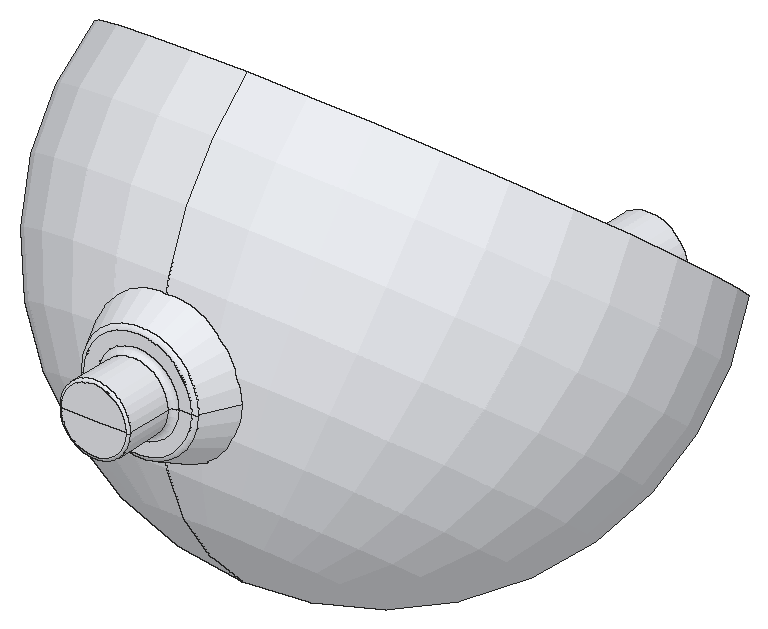
Revit family "Mictorio", category Plumbing Fixtures, host Face, Revit 2025
Family settings
  Host = Face
  Round Connector Dimension = Use Radius
  Part Type = Normal
  Enable Cutting in Views = No
  Cut with Voids When Loaded = No
  Maintain Annotation Orientation = No
  Shared = No
  Room Calculation Point = No
Parameters
  WFU = 0
  URL = ""
  Raio Água Fria = 7.5 mm  # constant formula
  Raio Ponto de Esgoto = 25 mm  # constant formula
  Model = ""
  Material_Mictorio = CT_Louças_Sanitárias
  Manufacturer = ""
  Flow Pressure = 0.00 psi
  Diâmetro Água Fria = Raio Água Fria * 2  # 15 mm
  Diâmetro Ponto de Esgoto = Raio Ponto de Esgoto * 2  # 50 mm
  Description = "Mictório"
  Default Elevation = 700 mm
  Código = ""
  CWFU = 0
  Assembly Code = ""
Reference planes
  plane 1 "Center (Front/Back)": y = -37.209
  plane 2: z = 0
  plane 3 "Center (Left/Right)": x = 0
  plane 4 "Bottom 1": y = -192.632
  plane 5 "Top 1": y = 262.5
  plane 6 "Front 1": z = 290
  plane 7 "Left 1": x = -190
  plane 8 "Right 1": x = 190
  plane 9 "Top 2": y = 412.791
  plane 10 "Bottom 2": y = -282.209
Forms (mm)
  Revolve 1, solid, material "CT_Louças_Sanitárias" <- "Material_Mictorio"
    sketch origin (0, -2.5, -2.5) x (0, 1, 0) y (0, 0, 1)
      loop
        line (-40.618, 268.723) -> (-64.131, 294.838)
        arc (-64.131, 294.838) -> (-138.455, 147.162) -> (-68.264, -2.521) r 189.112
        line (-68.264, -2.521) -> (-46.485, 24.879)
        arc (-46.485, 24.879) -> (-103.428, 148.241) -> (-40.618, 268.723) r 154.112
      axis (-68.264, -2.521) -> (78.182, 181.717)
    angle from 0 to 360
  Extrusion 2, solid, material "CT_Louças_Sanitárias" <- "Material_Mictorio"
    sketch origin (0, 0, 0) x (1, 0, 0) y (0, 1, 0)
      loop
        arc (-47.544, 249.939) -> (-60.732, 244.598) -> (-67.857, 232.281) r 21.903
        line (-67.857, 232.281) -> (-89.379, 122.5) -> (89.291, 122.5) -> (67.769, 232.281)
        arc (67.769, 232.281) -> (60.645, 244.598) -> (47.456, 249.939) r 21.903
        arc (47.456, 249.939) -> (-0.044, 251.221) -> (-47.544, 249.939) r 880.608
    from 0 to 15.5
  Extrusion 3, solid, material "CT_Louças_Sanitárias" <- "Material_Mictorio"
    sketch origin (0, -37.209, 0) x (1, 0, 0) y (0, 0, 1)
      loop
        circle (0, 40.558) r 25
    from -299.709 to -220.608
  Extrusion 4, solid, not visible
    sketch origin (0, -14.379, 0) x (1, 0, 0) y (0, 1, 0)
      loop
        circle (0, 427.17) r 7.5
    from -1.105 to 0
  Extrusion 5, solid, not visible
    sketch origin (-60.478, -139.379, 0) x (1, 0, 0) y (0, 1, 0)
      loop
        circle (60.478, -142.83) r 25
    from -4.992 to 0
  Extrusion 6, solid, material "CT_Louças_Sanitárias" <- "Material_Mictorio"
    sketch origin (0, 0, 0) x (1, 0, 0) y (0, 1, 0)
      loop
        circle (0, 55.187) r 115
    from 19.347 to 27.821
  Revolve 7, solid, material "CT_Louças_Sanitárias" <- "Material_Mictorio"
    sketch origin (-274.821, 0, 143.125) x (1, 0, 0) y (0, 1, 0)
      loop
        line (274.821, -130.621) -> (224.624, -130.621) -> (236.397, -154.759)
        arc (236.397, -154.759) -> (237.648, -156.225) -> (239.454, -156.9) r 3.85
        line (239.454, -156.9) -> (248.029, -156.9)
        arc (248.029, -156.9) -> (250.761, -158.031) -> (251.893, -160.764) r 3.864
        line (251.893, -160.764) -> (251.893, -191.043)
        arc (251.893, -191.043) -> (252.363, -192.177) -> (253.498, -192.647) r 1.605
        line (253.498, -192.647) -> (274.821, -192.647) -> (274.821, -130.621)
      axis (274.821, -130.621) -> (274.821, -192.647)
    angle from 0 to 360
Lines and regions (mm)
  Masking region 1
    outline origin (-407.418, 0, 0) x (1, 0, 0) y (0, 1, 0)
      loop
        line (338.938, 232.239) -> (334.834, 211.56)
        arc (334.834, 211.56) -> (282.83, 185.815) -> (242.275, 144.312) r 172.873
        arc (242.275, 144.312) -> (229.943, 121.337) -> (223.054, 96.187) r 116.015
        arc (223.054, 96.187) -> (242.118, -43.422) -> (353.28, -130.008) r 186.825
        arc (353.28, -130.008) -> (356.671, -131.601) -> (359.026, -134.515) r 8.362
        line (359.026, -134.515) -> (368.912, -154.785)
        arc (368.912, -154.785) -> (370.388, -156.424) -> (372.507, -157.032) r 4
        line (372.507, -157.032) -> (380.363, -157.032)
        arc (380.363, -157.032) -> (383.191, -158.203) -> (384.363, -161.032) r 4
        line (384.363, -161.032) -> (384.363, -191.632)
        arc (384.363, -191.632) -> (384.656, -192.339) -> (385.363, -192.632) r 1
        line (385.363, -192.632) -> (429.473, -192.632)
        arc (429.473, -192.632) -> (430.18, -192.339) -> (430.473, -191.632) r 1
        line (430.473, -191.632) -> (430.473, -161.032)
        arc (430.473, -161.032) -> (431.644, -158.203) -> (434.473, -157.032) r 4
        line (434.473, -157.032) -> (442.328, -157.032)
        arc (442.328, -157.032) -> (444.448, -156.424) -> (445.924, -154.785) r 4
        line (445.924, -154.785) -> (455.81, -134.515)
        arc (455.81, -134.515) -> (458.165, -131.601) -> (461.556, -130.008) r 8.362
        arc (461.556, -130.008) -> (572.718, -43.422) -> (591.782, 96.187) r 186.825
        arc (591.782, 96.187) -> (584.893, 121.337) -> (572.561, 144.312) r 116.015
        arc (572.561, 144.312) -> (532.006, 185.815) -> (480.002, 211.56) r 172.873
        line (480.002, 211.56) -> (475.898, 232.239)
        arc (475.898, 232.239) -> (468.644, 244.723) -> (455.254, 250.126) r 22.25
        arc (455.254, 250.126) -> (443.606, 250.669) -> (431.951, 251.059) r 890
        line (431.951, 251.059) -> (431.951, 252.883) -> (422.941, 261.892)
        arc (422.941, 261.892) -> (407.433, 262.518) -> (391.924, 261.922) r 197.255
        line (391.924, 261.922) -> (382.885, 252.883) -> (382.885, 251.059)
        arc (382.885, 251.059) -> (371.23, 250.669) -> (359.582, 250.126) r 890
        arc (359.582, 250.126) -> (346.192, 244.723) -> (338.938, 232.239) r 22.25
      loop
        circle (360.246, 229.005) r 5.34
      loop
        circle (454.926, 229.005) r 5.34
  Masking region 2
    outline origin (409.062, -37.209, -4.688) x (1, 0, 0) y (0, 0, 1)
      loop
        line (-535.042, 4.621) -> (-282.958, 4.621)
        arc (-282.958, 4.621) -> (-228.172, 86.916) -> (-224.04, 185.692) r 183.486
        arc (-224.04, 185.692) -> (-233.804, 216.38) -> (-253.738, 241.672) r 90.085
        arc (-253.738, 241.672) -> (-282.112, 262.944) -> (-314.215, 278.01) r 173.697
        arc (-314.215, 278.01) -> (-408.995, 294.111) -> (-503.775, 278.01) r 287.023
        arc (-503.775, 278.01) -> (-535.878, 262.944) -> (-564.252, 241.672) r 173.697
        arc (-564.252, 241.672) -> (-584.147, 216.453) -> (-593.929, 185.857) r 90.085
        arc (-593.929, 185.857) -> (-589.886, 86.986) -> (-535.042, 4.621) r 183.313
  Masking region 3
    outline origin (0, -800.002, 0) x (0, 1, 0) y (0, 0, 1)
      loop
        arc (684.695, 232.721) -> (676.317, 214.456) -> (669.489, 195.556) r 241.141
        arc (669.489, 195.556) -> (668.722, 193.968) -> (667.346, 192.864) r 4
        line (667.346, 192.864) -> (645.207, 182.066)
        arc (645.207, 182.066) -> (643.569, 180.591) -> (642.961, 178.471) r 4
        line (642.961, 178.471) -> (642.961, 170.615)
        arc (642.961, 170.615) -> (641.789, 167.787) -> (638.961, 166.615) r 4
        line (638.961, 166.615) -> (608.361, 166.615)
        arc (608.361, 166.615) -> (607.654, 166.323) -> (607.361, 165.615) r 1
        line (607.361, 165.615) -> (607.361, 121.505)
        arc (607.361, 121.505) -> (607.654, 120.798) -> (608.361, 120.505) r 1
        line (608.361, 120.505) -> (638.961, 120.505)
        arc (638.961, 120.505) -> (641.789, 119.334) -> (642.961, 116.505) r 4
        line (642.961, 116.505) -> (642.961, 108.65)
        arc (642.961, 108.65) -> (643.569, 106.53) -> (645.207, 105.055) r 4
        line (645.207, 105.055) -> (655.164, 100.198)
        arc (655.164, 100.198) -> (656.204, 99.36) -> (656.778, 98.153) r 3
        arc (656.778, 98.153) -> (681.138, 42.426) -> (724.715, 0) r 158.27
        line (724.715, 0) -> (1051.33, 0) -> (1051.33, 12.373)
        arc (1051.33, 12.373) -> (1052.123, 14.35) -> (1054.006, 15.345) r 3.094
        line (1054.006, 15.345) -> (1062.519, 24.799) -> (1060.894, 55.808) -> (1051.435, 64.325) -> (1022.831, 62.826)
        arc (1022.831, 62.826) -> (1021.535, 62.993) -> (1020.434, 63.698) r 2.984
        line (1020.434, 63.698) -> (735.881, 289.232)
        arc (735.881, 289.232) -> (734.055, 289.659) -> (732.307, 288.982) r 3.178
        line (732.307, 288.982) -> (707.17, 263.845)
        arc (707.17, 263.845) -> (694.701, 249.176) -> (684.757, 232.689) r 119.141
  symbolic lines
    curve 1: line (-24.533, 252.883, 0) -> (24.505, 252.883, 0)
    curve 2: arc (-0.391, 191.21, 0) -> (-64.807, 179.695, 0) -> (-119.524, 143.806, 0) r 163.232
    curve 3: arc (-119.524, 143.806, 0) -> (-144.298, 99.992, 0) -> (-142.634, 49.686, 0) r 93.058
    curve 4: arc (-88.821, -14.193, 0) -> (-121.923, 12.982, 0) -> (-142.843, 50.352, 0) r 115.461
    curve 5: arc (-88.821, -14.193, 0) -> (-46.03, -31.172, 0) -> (-0.391, -37.213, 0) r 187.49
    curve 6: arc (-0.391, 191.21, 0) -> (59.321, 181.483, 0) -> (111.389, 150.677, 0) r 163.232
    curve 7: arc (111.389, 150.677, 0) -> (140.972, 104.87, 0) -> (142.061, 50.352, 0) r 99.796
    curve 8: arc (88.04, -14.193, 0) -> (121.141, 12.982, 0) -> (142.061, 50.352, 0) r 115.461
    curve 9: arc (88.04, -14.193, 0) -> (45.248, -31.172, 0) -> (-0.391, -37.213, 0) r 187.49
    curve 10: arc (-142.634, 49.686, 0) -> (-139.239, 83.764, 0) -> (-124.011, 114.439, 0) r 95.256
    curve 11: arc (-124.011, 114.439, 0) -> (-68.292, 156.281, 0) -> (0, 170.126, 0) r 158.207
    curve 12: arc (-118.507, 120.581, 0) -> (-134.242, 76.46, 0) -> (-133.526, 29.622, 0) r 131.601
    curve 13: arc (-0.469, 165.647, 0) -> (-101.914, 104.142, 0) -> (-89.466, -13.837, 0) r 110.709
    curve 14: arc (142.061, 50.352, 0) -> (136.78, 89.462, 0) -> (116.1, 123.074, 0) r 95.256
    curve 15: arc (116.1, 123.074, 0) -> (62.905, 158.581, 0) -> (0, 170.126, 0) r 158.207
    curve 16: arc (116.1, 123.074, 0) -> (133.097, 77.678, 0) -> (132.507, 29.209, 0) r 131.601
    curve 17: arc (-0.469, 165.647, 0) -> (101.02, 104.053, 0) -> (88.405, -13.992, 0) r 110.709
    curve 18: line (-24.533, 251.022, 0) -> (-24.533, 221.653, 0)
    curve 19: line (24.533, 251.017, 0) -> (24.533, 221.653, 0)
    curve 20: arc (-71.963, 211.639, 0) -> (-43.397, 218.882, 0) -> (-14.153, 222.522, 0) r 236.9
    curve 21: line (-14.153, 222.522, 0) -> (-6.904, 221.761, 0)
    curve 22: arc (-6.904, 221.761, 0) -> (0.355, 220.631, 0) -> (7.602, 221.834, 0) r 23.137
    curve 23: arc (71.963, 211.639, 0) -> (43.397, 218.882, 0) -> (14.153, 222.522, 0) r 236.9
    curve 24: line (14.153, 222.522, 0) -> (7.602, 221.834, 0)
    curve 25: arc (-53.362, -130.216, 0) -> (0, -131.293, 0) -> (53.362, -130.216, 0) r 1322.364
    curve 26: arc (-185.813, 83.944, 0) -> (-173.199, 25.873, 0) -> (-136.506, -20.869, 0) r 132.699
    curve 27: arc (-136.506, -20.869, 0) -> (-72.087, -56.486, 0) -> (0.625, -67.944, 0) r 212.13
    curve 28: arc (186.902, 75.642, 0) -> (172.623, 22.144, 0) -> (137.756, -20.869, 0) r 132.699
    curve 29: arc (137.756, -20.869, 0) -> (73.337, -56.486, 0) -> (0.625, -67.944, 0) r 212.13
    curve 30: arc (-184.867, -37.209, 181.169) -> (-181.667, -37.209, 151.167) -> (-167.543, -37.209, 124.505) r 79.693
    curve 31: arc (-167.543, -37.209, 124.505) -> (-138.981, -37.209, 97.318) -> (-104.298, -37.209, 78.555) r 149.313
    curve 32: arc (-104.298, -37.209, 78.555) -> (-62.579, -37.209, 65.332) -> (-19.251, -37.209, 59.161) r 264.798
    curve 33: arc (-19.251, -37.209, 59.161) -> (-18.148, -37.209, 58.205) -> (-17.356, -37.209, 56.98) r 5.179
    curve 34: circle (0.063, -37.209, 39.042) r 25.217 normal (0, 1, 0)
    curve 35: arc (23.624, -37.209, 30.053) -> (26.612, -37.209, 20.105) -> (35.891, -37.209, 15.434) r 13.142
    curve 36: line (35.891, -37.209, 15.434) -> (75.204, -37.209, 15.434)
    curve 37: arc (75.204, -37.209, 15.434) -> (78.662, -37.209, 14.344) -> (80.87, -37.209, 11.467) r 6.029
    curve 38: line (80.87, -37.209, 11.467) -> (84.274, -37.209, -0.066)
    curve 39: arc (-23.498, -37.209, 30.053) -> (-26.487, -37.209, 20.105) -> (-35.765, -37.209, 15.434) r 13.142
    curve 40: line (-35.765, -37.209, 15.434) -> (-75.079, -37.209, 15.434)
    curve 41: arc (-75.079, -37.209, 15.434) -> (-78.537, -37.209, 14.344) -> (-80.745, -37.209, 11.467) r 6.029
    curve 42: line (-80.745, -37.209, 11.467) -> (-84.149, -37.209, -0.066)
    curve 43: arc (184.997, -37.209, 181.11) -> (181.783, -37.209, 151.139) -> (167.668, -37.209, 124.505) r 79.693
    curve 44: arc (167.668, -37.209, 124.505) -> (139.106, -37.209, 97.318) -> (104.423, -37.209, 78.555) r 149.313
    curve 45: arc (104.423, -37.209, 78.555) -> (62.704, -37.209, 65.332) -> (19.377, -37.209, 59.161) r 264.798
    curve 46: arc (19.377, -37.209, 59.161) -> (18.274, -37.209, 58.205) -> (17.481, -37.209, 56.98) r 5.179
    curve 47: spline (-142.44, -37.209, 151.771) -> (-137.151, -37.209, 173.7) -> (-122.678, -37.209, 194.08) -> (-99.99, -37.209, 211.547) -> (-70.605, -37.209, 224.931) -> (-36.491, -37.209, 233.337) -> (0.07, -37.209, 236.202) -> (36.631, -37.209, 233.334) -> (70.744, -37.209, 224.926) -> (100.126, -37.209, 211.54) -> (122.811, -37.209, 194.072) -> (137.28, -37.209, 173.691) -> (142.565, -37.209, 151.762)
    curve 48: arc (-142.454, -37.209, 151.803) -> (-145.854, -37.209, 168.893) -> (-144.31, -37.209, 186.25) r 61.329
    curve 49: arc (-72.824, -37.209, 250.712) -> (-36.879, -37.209, 259.745) -> (0.063, -37.209, 262.731) r 224.179
    curve 50: arc (-144.31, -37.209, 186.25) -> (-134, -37.209, 208.025) -> (-117.673, -37.209, 225.741) r 79.963
    curve 51: arc (-117.673, -37.209, 225.741) -> (-96.369, -37.209, 240.24) -> (-72.824, -37.209, 250.712) r 144.08
    curve 52: arc (142.565, -37.209, 151.762) -> (145.978, -37.209, 168.871) -> (144.435, -37.209, 186.25) r 61.329
    curve 53: arc (72.95, -37.209, 250.712) -> (37.005, -37.209, 259.745) -> (0.063, -37.209, 262.731) r 224.179
    curve 54: arc (144.435, -37.209, 186.25) -> (134.126, -37.209, 208.025) -> (117.798, -37.209, 225.741) r 79.963
    curve 55: arc (117.798, -37.209, 225.741) -> (96.495, -37.209, 240.24) -> (72.95, -37.209, 250.712) r 144.08
    curve 56: arc (-142.454, -37.209, 151.803) -> (-122.732, -37.209, 123.446) -> (-94.375, -37.209, 103.723) r 97.712
    curve 57: arc (-94.375, -37.209, 103.723) -> (-48.402, -37.209, 87.578) -> (0.063, -37.209, 82.541) r 208.534
    curve 58: arc (142.58, -37.209, 151.803) -> (122.857, -37.209, 123.446) -> (94.5, -37.209, 103.723) r 97.712
    curve 59: arc (94.5, -37.209, 103.723) -> (48.527, -37.209, 87.578) -> (0.063, -37.209, 82.541) r 208.534
    curve 60: circle (-15.311, -37.209, 165.856) r 3.25 normal (0, -1, 0)
    curve 61: circle (0.063, -37.209, 172.247) r 3.25 normal (0, -1, 0)
    curve 62: circle (0.063, -37.209, 150.492) r 3.25 normal (0, -1, 0)
    curve 63: circle (0.063, -37.209, 128.746) r 3.25 normal (0, -1, 0)
    curve 64: circle (-15.341, -37.209, 135.086) r 3.25 normal (0, -1, 0)
    curve 65: circle (-21.733, -37.209, 150.496) r 3.25 normal (0, -1, 0)
    curve 66: circle (15.437, -37.209, 165.856) r 3.25 normal (0, 1, 0)
    curve 67: circle (15.466, -37.209, 135.086) r 3.25 normal (0, 1, 0)
    curve 68: circle (21.858, -37.209, 150.496) r 3.25 normal (0, 1, 0)
    curve 69: circle (0.063, -37.209, 40.194) r 15.5 normal (0, -1, 0)
    curve 70: line (0, 220.432, 63.698) -> (0, 221.813, 62.619)
    curve 71: arc (0, 221.813, 62.619) -> (0, 222.497, 61.043) -> (0, 221.925, 59.423) r 2.349
    curve 72: line (0, 221.925, 59.423) -> (0, 182.189, 0.01)
    curve 73: line (0, 254.005, 15.345) -> (0, 251.444, 64.198)
    curve 74: line (-27.664, -157.032, 0) -> (26.446, -157.032, 0)
    curve 75: arc (0, -63.678, 0) -> (0, -104.821, 44.622) -> (0, -129.603, 100.026) r 188.009
    curve 76: line (0, -129.603, 100.026) -> (0, -130.512, 195.556)
    curve 77: line (0, -157.041, 116.505) -> (0, -157.041, 170.615)
Dimensions and locks
  plane 7 "Left 1" to plane 8 "Right 1" = 380 mm
  plane 8 "Right 1" to plane 7 "Left 1" = 380 mm
  plane 6 "Front 1" to host face = 290 mm  (x2)
  plane 9 "Top 2" to plane 1 "Center (Front/Back)" to plane 10 "Bottom 2" = 450 mm, 245 mm
  plane 4 "Bottom 1" to plane 5 "Top 1" to plane 9 "Top 2" = 455.132 mm, 150.291 mm
  plane 10 "Bottom 2" to plane 1 "Center (Front/Back)" = 245 mm
  plane 1 "Center (Front/Back)" to plane 9 "Top 2" = 450 mm
  plane 4 "Bottom 1" to plane 5 "Top 1" = 455.132 mm
  plane 5 "Top 1" to plane 9 "Top 2" = 150.291 mm
  aligned and locked: plane 2 to host face
  aligned and locked: level to host face
Connectors
  piping at (0, 412.791, 0), diameter 15, driven by "Flow Pressure", driven by "CWFU", driven by "Raio Água Fria"
    settings: on Extrusion 4, index 1, connector inside diameter 0.59055", connector length 0 mm, flow factor 0, pipe flow 0 GPM, pressure drop 0.00 psi, fitting loss kfactor 0, connector angle 0.00°, fixture units 0, engagement length 0 mm, angle of deflection 0.00°, flow configuration 3, flow direction 1, fitting loss method 4, system type 20, joint type 0, gender type 0, connector reference index -1, connector utility 0, adjustable connector no, is connector primary yes, connector description ""
  piping at (0, -282.209, 0), diameter 50, driven by "Raio Ponto de Esgoto", driven by "Flow Pressure", driven by "WFU"
    settings: on Extrusion 5, index 2, connector inside diameter 1.9685", connector length 0 mm, flow factor 0, pipe flow 0 GPM, pressure drop 0.00 psi, fitting loss kfactor 0, connector angle 0.00°, fixture units 0, engagement length 0 mm, angle of deflection 0.00°, flow configuration 3, flow direction 2, fitting loss method 0, system type 16, joint type 0, gender type 0, connector reference index -1, connector utility 0, adjustable connector no, is connector primary no, connector description ""
